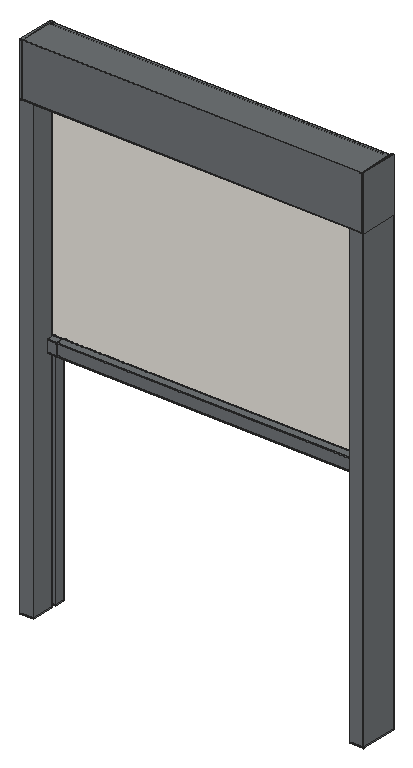
Revit family "Verano_V566_Ritzscreen_GM_R21", category Generic Models, Revit 2021
Family settings
  Can host rebar = No
  Round Connector Dimension = Use Diameter
  Part Type = Normal
  Work Plane-Based = No
  Always vertical = Yes
  Cut with Voids When Loaded = No
  Shared = No
  Room Calculation Point = No
Parameters
  Width Warning [instance] = if(or([Width Input (1000-5000mm)] < Minimal Width, [Width Input (1000-5000mm)] > Maximal Width), 1 = 1, 1 = 0)  # no
  Width Input (1000-5000mm) [instance] = 1000 mm
  Width [instance] = Overall Width Constraint  # 1000 mm
  Wall Offset [instance] = 0 mm
  Vertical Guide Length [instance] = Overall Height Constraint - 157 mm - 3 mm  # 1340 mm
  URL = "www.verano.nl"
  Top Cassette Height [instance] = Sill Height + Overall Height Constraint  # 2300 mm
  Sill Height [instance] = 800 mm
  Overall Width Constraint [instance] = if([Width Input (1000-5000mm)] < Minimal Width, Minimal Width, if([Width Input (1000-5000mm)] > Maximal Width, Maximal Width, [Width Input (1000-5000mm)]))  # 1000 mm
  Overall Height Constraint [instance] = if([Height Input (1000-5000mm)] < Minimal Height, Minimal Height, if([Height Input (1000-5000mm)] > Maximal Height, Maximal Height, [Height Input (1000-5000mm)]))  # 1500 mm
  Model = "V566 Ritzscreen"
  Minimal Width [instance] = 1000 mm  # constant formula
  Minimal Height [instance] = 1000 mm  # constant formula
  Maximal Width [instance] = 5000 mm  # constant formula
  Maximal Height [instance] = 5000 mm  # constant formula
  Manufacturer = "Verano Systems"
  Height Warning [instance] = if(or([Height Input (1000-5000mm)] < Minimal Height, [Height Input (1000-5000mm)] > Maximal Height), 1 = 1, 1 = 0)  # no
  Height Input (1000-5000mm) [instance] = 1500 mm
  Height [instance] = Overall Height Constraint  # 1500 mm
  Frame Material [instance] = V_Antracite
  Fabric Material [instance] = V_Fabric Beige
  Fabric Length [instance] = (Overall Height Constraint - 157 mm) * [Closing factor (0-100%)] / 100 mm  # 671.5 mm
  Default Elevation = 0 mm
  Closing factor (0-100%) [instance] = 50 mm
  Bottom Profile Length [instance] = Overall Width Constraint - 2 * 42 mm  # 916 mm
Reference planes
  plane 1 "Center (Front/Back)": y = 0
  plane 2: z = 0
  plane 3 "Center (Left/Right)": x = 0
  plane 4: x = -500
  plane 5: x = 500
  plane 6: y = 0
  plane 7: y = -110
  plane 8 "1": z = 800
  plane 9 "2": z = 2300
  plane 10: z = 2143
  plane 11: z = 1503.5
  plane 12 "Fabric": y = -37.5
  plane 13: x = -473
  plane 14: x = 473
  plane 15: z = 1511.5
  plane 16: z = 2183
Forms (mm)
  Extrusion 1, solid, material "V_Fabric Beige" <- "Fabric Material"
    sketch origin (0, -37.5, 0) x (0, 0, 1) y (-1, 0, 0)
      loop
        line (2183, 473) -> (1503.5, 473) -> (1503.5, -473) -> (2183, -473) -> (2183, 473)
    from -1 to 1
Dimensions and locks
  equal spacing: plane 4, plane 3 "Center (Left/Right)", plane 5
  "Overall Width Constraint": plane 4 to plane 5
  "Wall Offset": plane 6 to plane 1 "Center (Front/Back)"
  locked: plane 7 to plane 6 at 110
  "Overall Height Constraint": plane 9 "2" to plane 8 "1"
  "Sill Height": plane 8 "1" to level
  locked: plane 9 "2" to plane 10 at 157
  locked: plane 6 to plane 12 "Fabric" at 37.5
  locked: plane 13 to plane 4 at 27
  locked: plane 5 to plane 14 at 27
  locked: plane 15 to plane 11 at 8
  locked: plane 16 to plane 10 at 40
  "Fabric Length": plane 16 to plane 15
  aligned and locked: level to plane 2
  aligned and locked: plane 4 to nested 1
  aligned and locked: plane 6 to nested 1
  aligned and locked: plane 5 to nested 2
  aligned and locked: nested 2 to plane 6
  aligned and locked: plane 3 "Center (Left/Right)" to nested 3
  aligned and locked: plane 6 to nested 3
  aligned and locked: plane 3 "Center (Left/Right)" to nested 4
  aligned and locked: plane 12 "Fabric" to nested 4
  aligned and locked: plane 11 to nested 4
  aligned and locked: plane 16 to Extrusion 1
Automatic sketch dimensions
  Extrusion 1 sketch curve to plane 13 = 0 mm
  Extrusion 1 sketch curve to plane 14 = 0 mm
  Extrusion 1 sketch curve to plane 11 = 0 mm
  plane 10 to Extrusion 1 sketch curve = 40 mm
Nested families
  nested 1: "Vertical Profile" at (-500, 0, 800), built-in parameter 1001364 <- "Sill Height", type "Vertical Profile"
    with Profile Length 1340 mm
  nested 2: "Vertical Profile" at (500, 0, 800) x (-1, 0, 0) z (0, 0, 1), built-in parameter 1001364 <- "Sill Height", type "Vertical Profile"
    with Profile Length 1340 mm
  nested 3: "Casette_T2" at (0, 0, 2300), built-in parameter 1001360 <- "Top Cassette Height", type "Casette_T2"
  nested 4: "Bottom Profile" at (0, -37.5, 1503.5), type "Bottom Profile"
    with Length 916 mm
Definition of nested family "Vertical Profile"
  Parameters (values of type "Vertical Profile")
    Profile Length = 960 mm
    Frame Material = none
    Default Elevation = 0 mm
  Reference planes
    plane 1 "Center (Front/Back)": y = 0
    plane 2: z = 0
    plane 3 "Center (Left/Right)": x = 0
    plane 4 "1": z = 3
  Forms (mm)
    Extrusion 1, solid, material <- "Frame Material"
      sketch origin (0, -110.001, 3) x (-1, 0, 0) y (0, -1, 0)
        loop
          arc (-39.5, 0) -> (-39.854, -0.146) -> (-40, -0.5) r 0.5
          line (-40, -0.5) -> (-40, -64.551)
          arc (-40, -64.551) -> (-39.78, -65.081) -> (-39.25, -65.301) r 0.75
          line (-39.25, -65.301) -> (-32, -65.301)
          arc (-32, -65.301) -> (-31.45, -64.751) -> (-32, -64.201) r 0.55
          line (-32, -64.201) -> (-34.7, -64.201) -> (-34.7, -55.301) -> (-8.75, -55.301) -> (-8.75, -89.501) -> (-34.7, -89.501) -> (-34.7, -80.801) -> (-32, -80.801)
          arc (-32, -80.801) -> (-31.45, -80.251) -> (-32, -79.701) r 0.55
          line (-32, -79.701) -> (-39.25, -79.701)
          arc (-39.25, -79.701) -> (-39.78, -79.921) -> (-40, -80.451) r 0.75
          line (-40, -80.451) -> (-40, -109.501)
          arc (-40, -109.501) -> (-39.854, -109.855) -> (-39.5, -110.001) r 0.5
          line (-39.5, -110.001) -> (-0.5, -110.001)
          arc (-0.5, -110.001) -> (-0.146, -109.855) -> (0, -109.501) r 0.5
          line (0, -109.501) -> (0, -0.5)
          arc (0, -0.5) -> (-0.146, -0.146) -> (-0.5, 0) r 0.5
          line (-0.5, 0) -> (-39.5, 0)
      from 0 to 960 <- "Profile Length"
    Extrusion 2, solid, material <- "Frame Material"
      sketch origin (0, -110.001, 0) x (1, 0, 0) y (0, 1, 0)
        loop
          arc (40, 64.551) -> (39.78, 65.081) -> (39.25, 65.301) r 0.75
          line (39.25, 65.301) -> (32, 65.301) -> (32, 79.701) -> (39.25, 79.701)
          arc (39.25, 79.701) -> (39.78, 79.921) -> (40, 80.451) r 0.75
          line (40, 80.451) -> (40, 109.501)
          arc (40, 109.501) -> (39.854, 109.855) -> (39.5, 110.001) r 0.5
          line (39.5, 110.001) -> (0.5, 110.001)
          arc (0.5, 110.001) -> (0.146, 109.855) -> (0, 109.501) r 0.5
          line (0, 109.501) -> (0, 0.5)
          arc (0, 0.5) -> (0.146, 0.146) -> (0.5, 0) r 0.5
          line (0.5, 0) -> (39.5, 0)
          arc (39.5, 0) -> (39.854, 0.146) -> (40, 0.5) r 0.5
          line (40, 0.5) -> (40, 64.551)
      from 0 to 3
  Dimensions and locks
    locked: plane 4 "1" to level at 3
    aligned and locked: level to plane 2
Definition of nested family "Casette_T2"
  Parameters
    Length = 1000 mm
    Frame Material = none
    Default Elevation = 0 mm
  Reference planes
    plane 1 "Center (Front/Back)": y = 0
    plane 2: z = 0
    plane 3 "Center (Left/Right)": x = 0
    plane 4: x = 500
    plane 5: x = -500
    plane 6: x = -494
    plane 7: x = 494
    plane 8: y = -37.5
  Forms (mm)
    Extrusion 1, solid, material <- "Frame Material"
      sketch origin (0, 0, 0) x (0, 1, 0) y (0, 0, 1)
        loop
          arc (-2.502, -1) -> (-2.794, -0.293) -> (-3.502, 0) r 1
          line (-3.502, 0) -> (-109, 0)
          arc (-109, 0) -> (-109.707, -0.293) -> (-110, -1) r 1
          line (-110, -1) -> (-110, -156)
          arc (-110, -156) -> (-109.707, -156.707) -> (-109, -157) r 1
          line (-109, -157) -> (-67.002, -157)
          arc (-67.002, -157) -> (-66.294, -156.707) -> (-66.002, -156) r 1
          line (-66.002, -156) -> (-66.002, -151.572) -> (-70.465, -142) -> (-74.581, -142) -> (-74.581, -112) -> (-31.754, -112) -> (-8.843, -114.004) -> (-8.802, -156)
          arc (-8.802, -156) -> (-8.509, -156.707) -> (-7.802, -157) r 1
          line (-7.802, -157) -> (-1.002, -157)
          arc (-1.002, -157) -> (-0.294, -156.707) -> (0, -156) r 1
          line (0, -156) -> (-0.002, -70)
          arc (-0.002, -70) -> (-0.294, -69.293) -> (-1.002, -69) r 1
          line (-1.002, -69) -> (-7.502, -69) -> (-7.502, -41.8) -> (-4.102, -41.8) -> (-4.102, -46.3)
          arc (-4.102, -46.3) -> (-3.302, -47.1) -> (-2.502, -46.3) r 0.8
          line (-2.502, -46.3) -> (-2.502, -41)
          arc (-2.502, -41) -> (-2.794, -40.293) -> (-3.502, -40) r 1
          line (-3.502, -40) -> (-7.502, -40) -> (-7.502, -1.8) -> (-4.102, -1.8) -> (-4.102, -6.3)
          arc (-4.102, -6.3) -> (-3.302, -7.1) -> (-2.502, -6.3) r 0.8
          line (-2.502, -6.3) -> (-2.502, -1)
      from -494 to 494
    Extrusion 2, solid, material <- "Frame Material"
      sketch origin (0, 0, 0) x (0, 1, 0) y (0, 0, 1)
        loop
          line (-1, 0) -> (-109, 0)
          arc (-109, 0) -> (-109.707, -0.293) -> (-110, -1) r 1
          line (-110, -1) -> (-110, -156)
          arc (-110, -156) -> (-109.707, -156.707) -> (-109, -157) r 1
          line (-109, -157) -> (-1.002, -157)
          arc (-1.002, -157) -> (-0.294, -156.707) -> (-0.002, -156) r 1
          line (-0.002, -156) -> (0, -1)
          arc (0, -1) -> (-0.293, -0.293) -> (-1, 0) r 1
      from 494 to 500
    Extrusion 3, solid, material <- "Frame Material"
      sketch origin (0, 0, 0) x (0, 1, 0) y (0, 0, -1)
        loop
          arc (-1, 0) -> (-0.293, 0.293) -> (0, 1) r 1
          line (0, 1) -> (-0.002, 156)
          arc (-0.002, 156) -> (-0.294, 156.707) -> (-1.002, 157) r 1
          line (-1.002, 157) -> (-109, 157)
          arc (-109, 157) -> (-109.707, 156.707) -> (-110, 156) r 1
          line (-110, 156) -> (-110, 1)
          arc (-110, 1) -> (-109.707, 0.293) -> (-109, 0) r 1
          line (-109, 0) -> (-1, 0)
      from 494 to 500
  Dimensions and locks
    equal spacing: plane 5, plane 3 "Center (Left/Right)", plane 4
    "Length": plane 5 to plane 4
    locked: plane 5 to plane 6 at 6
    locked: plane 7 to plane 4 at 6
    locked: plane 1 "Center (Front/Back)" to plane 8 at 37.5
    aligned and locked: level to plane 2
    aligned and locked: Extrusion 1 to plane 6
    aligned and locked: plane 7 to Extrusion 1
    aligned and locked: Extrusion 2 to plane 7
    aligned and locked: plane 4 to Extrusion 2
    aligned and locked: plane 6 to Extrusion 3
    aligned and locked: Extrusion 3 to plane 5
  Automatic sketch dimensions
    Extrusion 2 sketch curve to level = 0 mm
    Extrusion 2 sketch curve to plane 1 "Center (Front/Back)" = 0 mm
    plane 1 "Center (Front/Back)" to Extrusion 2 sketch curve = 1 mm
    plane 1 "Center (Front/Back)" to Extrusion 2 sketch curve = 1.002 mm
    Extrusion 2 sketch curve to Extrusion 2 sketch curve = 107.998 mm
    Extrusion 2 sketch curve to level = 1 mm
    Extrusion 2 sketch curve to Extrusion 2 sketch curve = 108 mm
    Extrusion 2 sketch curve to Extrusion 2 sketch curve = 155 mm
    Extrusion 2 sketch curve to Extrusion 2 sketch curve = 0 mm  (x2)
    Extrusion 3 sketch curve to level = 0 mm
    Extrusion 3 sketch curve to plane 1 "Center (Front/Back)" = 0 mm
    plane 1 "Center (Front/Back)" to Extrusion 3 sketch curve = 1 mm
    plane 1 "Center (Front/Back)" to Extrusion 3 sketch curve = 1.002 mm
    Extrusion 3 sketch curve to Extrusion 3 sketch curve = 107.998 mm
    Extrusion 3 sketch curve to level = 1 mm
    Extrusion 3 sketch curve to Extrusion 3 sketch curve = 108 mm
    Extrusion 3 sketch curve to Extrusion 3 sketch curve = 155 mm
    Extrusion 3 sketch curve to Extrusion 3 sketch curve = 1 mm
    Extrusion 3 sketch curve to Extrusion 3 sketch curve = 0 mm
    Extrusion 1 sketch curve to level = 0 mm
    Extrusion 1 sketch curve to plane 1 "Center (Front/Back)" = 0 mm
    plane 1 "Center (Front/Back)" to Extrusion 1 sketch curve = 1.002 mm  (x2)
    plane 1 "Center (Front/Back)" to Extrusion 1 sketch curve = 2.502 mm  (x2)
    Extrusion 1 sketch curve to level = 1 mm  (x2)
    Extrusion 1 sketch curve to Extrusion 1 sketch curve = 0.8 mm  (x3)
    Extrusion 1 sketch curve to Extrusion 1 sketch curve = 0.6 mm
    Extrusion 1 sketch curve to Extrusion 1 sketch curve = 3.4 mm
    Extrusion 1 sketch curve to Extrusion 1 sketch curve = 0 mm  (x5)
    Extrusion 1 sketch curve to Extrusion 1 sketch curve = 6.8 mm
    Extrusion 1 sketch curve to plane 8 = 5.746 mm
    plane 8 to Extrusion 1 sketch curve = 28.502 mm
    Extrusion 1 sketch curve to Extrusion 1 sketch curve = 1 mm  (x3)
    Extrusion 1 sketch curve to Extrusion 1 sketch curve = 41.998 mm
    plane 8 to Extrusion 1 sketch curve = 71.5 mm
    Extrusion 1 sketch curve to Extrusion 1 sketch curve = 4.5 mm  (x2)
    Extrusion 1 sketch curve to Extrusion 1 sketch curve = 33.7 mm
    Extrusion 1 sketch curve to Extrusion 1 sketch curve = 1.8 mm
    Extrusion 1 sketch curve to Extrusion 1 sketch curve = 22.7 mm
    Extrusion 1 sketch curve to Extrusion 1 sketch curve = 43 mm
    Extrusion 1 sketch curve to Extrusion 1 sketch curve = 2.004 mm
    Extrusion 1 sketch curve to Extrusion 1 sketch curve = 39.572 mm
    Extrusion 1 sketch curve to Extrusion 1 sketch curve = 41.996 mm
    Extrusion 1 sketch curve to Extrusion 1 sketch curve = 4.428 mm
    Extrusion 1 sketch curve to Extrusion 1 sketch curve = 4.464 mm
    Extrusion 1 sketch curve to Extrusion 1 sketch curve = 9.572 mm
    Extrusion 1 sketch curve to Extrusion 1 sketch curve = 4.116 mm
    Extrusion 1 sketch curve to Extrusion 1 sketch curve = 0.042 mm
Definition of nested family "Bottom Profile"
  Parameters
    Length = 1000 mm
    Frame Material = none
    Default Elevation = 0 mm
  Reference planes
    plane 1 "Center (Front/Back)": y = 0
    plane 2: z = 0
    plane 3 "Center (Left/Right)": x = 0
    plane 4: x = -500
    plane 5: x = 500
    plane 6: x = -474
    plane 7: x = 474
  Forms (mm)
    Extrusion 1, solid, material <- "Frame Material"
      sketch origin (0, 0, 0) x (0, 1, 0) y (0, 0, 1)
        loop
          line (-5.5, 8) -> (-22.809, 6.486)
          arc (-22.809, 6.486) -> (-24.369, 5.716) -> (-25, 4.095) r 2.4
          line (-25, 4.095) -> (-25, -28.095)
          arc (-25, -28.095) -> (-24.369, -29.716) -> (-22.809, -30.486) r 2.4
          line (-22.809, -30.486) -> (-5.5, -32) -> (-1.75, -32) -> (-1.75, -30.876) -> (-2.75, -30.876) -> (-2.75, -29.576) -> (2.75, -29.576) -> (2.75, -30.876) -> (1.75, -30.876) -> (1.75, -32) -> (5.5, -32) -> (22.809, -30.486)
          arc (22.809, -30.486) -> (24.369, -29.716) -> (25, -28.095) r 2.4
          line (25, -28.095) -> (25, 4.095)
          arc (25, 4.095) -> (24.369, 5.716) -> (22.809, 6.486) r 2.4
          line (22.809, 6.486) -> (5.5, 8) -> (3.6, 8)
          arc (3.6, 8) -> (2.893, 7.707) -> (2.6, 7) r 1
          line (2.6, 7) -> (2.6, 4.8)
          arc (2.6, 4.8) -> (2.706, 4.353) -> (3, 4) r 1
          arc (3, 4) -> (0, -5) -> (-3, 4) r 5
          arc (-3, 4) -> (-2.706, 4.353) -> (-2.6, 4.8) r 1
          line (-2.6, 4.8) -> (-2.6, 7)
          arc (-2.6, 7) -> (-2.893, 7.707) -> (-3.6, 8) r 1
          line (-3.6, 8) -> (-5.5, 8)
      from -474 to 474
    Extrusion 2, solid, material <- "Frame Material"
      sketch origin (0, 0, 0) x (0, 1, 0) y (0, 0, 1)
        loop
          line (22.809, 6.486) -> (5.5, 8) -> (3.6, 8)
          arc (3.6, 8) -> (2.893, 7.707) -> (2.6, 7) r 1
          line (2.6, 7) -> (2.6, 4.8) -> (-2.6, 4.8) -> (-2.6, 7)
          arc (-2.6, 7) -> (-2.893, 7.707) -> (-3.6, 8) r 1
          line (-3.6, 8) -> (-5.5, 8) -> (-22.809, 6.486)
          arc (-22.809, 6.486) -> (-24.369, 5.716) -> (-25, 4.095) r 2.4
          line (-25, 4.095) -> (-25, -28.095)
          arc (-25, -28.095) -> (-24.369, -29.716) -> (-22.809, -30.486) r 2.4
          line (-22.809, -30.486) -> (-5.5, -32) -> (5.5, -32) -> (22.809, -30.486)
          arc (22.809, -30.486) -> (24.369, -29.716) -> (25, -28.095) r 2.4
          line (25, -28.095) -> (25, 4.095)
          arc (25, 4.095) -> (24.369, 5.716) -> (22.809, 6.486) r 2.4
      from 474 to 500
    Extrusion 3, solid, material <- "Frame Material"
      sketch origin (0, 0, 0) x (0, 1, 0) y (0, 0, -1)
        loop
          arc (22.809, -6.486) -> (24.369, -5.716) -> (25, -4.095) r 2.4
          line (25, -4.095) -> (25, 28.095)
          arc (25, 28.095) -> (24.369, 29.716) -> (22.809, 30.486) r 2.4
          line (22.809, 30.486) -> (5.5, 32) -> (-5.5, 32) -> (-22.809, 30.486)
          arc (-22.809, 30.486) -> (-24.369, 29.716) -> (-25, 28.095) r 2.4
          line (-25, 28.095) -> (-25, -4.095)
          arc (-25, -4.095) -> (-24.369, -5.716) -> (-22.809, -6.486) r 2.4
          line (-22.809, -6.486) -> (-5.5, -8) -> (-3.6, -8)
          arc (-3.6, -8) -> (-2.893, -7.707) -> (-2.6, -7) r 1
          line (-2.6, -7) -> (-2.6, -4.8) -> (2.6, -4.8) -> (2.6, -7)
          arc (2.6, -7) -> (2.893, -7.707) -> (3.6, -8) r 1
          line (3.6, -8) -> (5.5, -8) -> (22.809, -6.486)
      from 474 to 500
  Dimensions and locks
    equal spacing: plane 4, plane 3 "Center (Left/Right)", plane 5
    "Length": plane 4 to plane 5
    locked: plane 4 to plane 6 at 26
    locked: plane 7 to plane 5 at 26
    aligned and locked: level to plane 2
    aligned and locked: Extrusion 1 to plane 6
    aligned and locked: plane 7 to Extrusion 1
    aligned and locked: Extrusion 2 to plane 7
    aligned and locked: plane 5 to Extrusion 2
    aligned and locked: plane 6 to Extrusion 3
    aligned and locked: Extrusion 3 to plane 4
  Automatic sketch dimensions
    Extrusion 1 sketch curve to level = 0 mm
    Extrusion 1 sketch curve to plane 1 "Center (Front/Back)" = 0 mm
    plane 1 "Center (Front/Back)" to Extrusion 1 sketch curve = 1.75 mm
    plane 1 "Center (Front/Back)" to Extrusion 1 sketch curve = 2.6 mm
    Extrusion 1 sketch curve to Extrusion 1 sketch curve = 1 mm  (x6)
    Extrusion 1 sketch curve to Extrusion 1 sketch curve = 1.9 mm  (x2)
    Extrusion 1 sketch curve to Extrusion 1 sketch curve = 2.75 mm  (x2)
    Extrusion 1 sketch curve to Extrusion 1 sketch curve = 17.1 mm  (x4)
    level to Extrusion 1 sketch curve = 4.095 mm  (x2)
    level to Extrusion 1 sketch curve = 6.486 mm  (x2)
    Extrusion 1 sketch curve to Extrusion 1 sketch curve = 0.209 mm  (x4)
    Extrusion 1 sketch curve to plane 1 "Center (Front/Back)" = 1.75 mm
    Extrusion 1 sketch curve to plane 1 "Center (Front/Back)" = 2.6 mm
    Extrusion 1 sketch curve to level = 28.095 mm  (x2)
    Extrusion 1 sketch curve to Extrusion 1 sketch curve = 1.482 mm
    Extrusion 1 sketch curve to Extrusion 1 sketch curve = 1.3 mm  (x2)
    Extrusion 1 sketch curve to Extrusion 1 sketch curve = 1.124 mm  (x2)
    level to Extrusion 1 sketch curve = 4.8 mm  (x2)
    Extrusion 1 sketch curve to Extrusion 1 sketch curve = 2.2 mm  (x2)
    Extrusion 1 sketch curve to Extrusion 1 sketch curve = 0 mm
    level to Extrusion 2 sketch curve = 4.095 mm  (x2)
    plane 1 "Center (Front/Back)" to Extrusion 2 sketch curve = 25 mm
    level to Extrusion 2 sketch curve = 6.486 mm  (x2)
    Extrusion 2 sketch curve to Extrusion 2 sketch curve = 2.191 mm  (x2)
    Extrusion 2 sketch curve to Extrusion 2 sketch curve = 0.209 mm  (x3)
    plane 1 "Center (Front/Back)" to Extrusion 2 sketch curve = 5.5 mm  (x2)
    Extrusion 2 sketch curve to Extrusion 2 sketch curve = 1.9 mm  (x2)
    Extrusion 2 sketch curve to Extrusion 2 sketch curve = 1 mm  (x2)
    Extrusion 2 sketch curve to plane 1 "Center (Front/Back)" = 2.6 mm
    Extrusion 2 sketch curve to plane 1 "Center (Front/Back)" = 5.5 mm
    Extrusion 2 sketch curve to Extrusion 2 sketch curve = 17.1 mm  (x2)
    Extrusion 2 sketch curve to level = 28.095 mm  (x2)
    Extrusion 2 sketch curve to Extrusion 2 sketch curve = 1.514 mm
    level to Extrusion 2 sketch curve = 4.8 mm
    Extrusion 2 sketch curve to Extrusion 2 sketch curve = 2.2 mm  (x2)
    level to Extrusion 3 sketch curve = 4.095 mm  (x2)
    plane 1 "Center (Front/Back)" to Extrusion 3 sketch curve = 25 mm
    level to Extrusion 3 sketch curve = 6.486 mm  (x2)
    Extrusion 3 sketch curve to Extrusion 3 sketch curve = 2.191 mm  (x2)
    Extrusion 3 sketch curve to Extrusion 3 sketch curve = 0.209 mm  (x3)
    plane 1 "Center (Front/Back)" to Extrusion 3 sketch curve = 5.5 mm  (x2)
    Extrusion 3 sketch curve to Extrusion 3 sketch curve = 1.9 mm  (x2)
    Extrusion 3 sketch curve to Extrusion 3 sketch curve = 1 mm  (x2)
    Extrusion 3 sketch curve to plane 1 "Center (Front/Back)" = 2.6 mm
    Extrusion 3 sketch curve to plane 1 "Center (Front/Back)" = 5.5 mm
    Extrusion 3 sketch curve to Extrusion 3 sketch curve = 17.1 mm  (x2)
    level to Extrusion 3 sketch curve = 7 mm
    Extrusion 3 sketch curve to Extrusion 3 sketch curve = 0 mm
    Extrusion 3 sketch curve to Extrusion 3 sketch curve = 2.2 mm
    Extrusion 3 sketch curve to level = 28.095 mm  (x2)
    Extrusion 3 sketch curve to Extrusion 3 sketch curve = 1.514 mm
